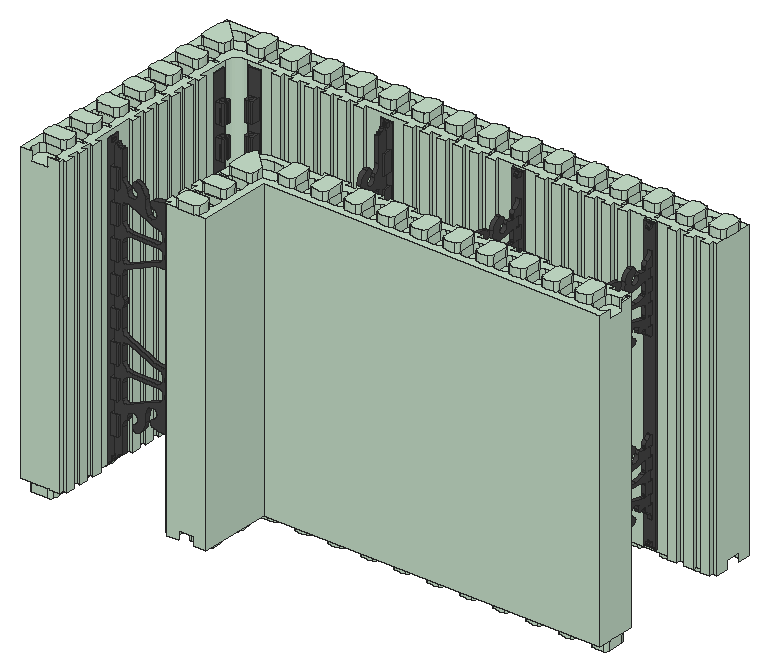
Revit family (continued)
Definition of nested family "NUDURA Diamond Pattern Missing One Line"
  Lines and regions (in)
    model lines
      curve 67: line (3.35367, -5.625, 10.98484) -> (3.69709, -5.625, 10.64142)
      curve 68: arc (3.35367, -5.625, 11.51517) -> (3.24384, -5.625, 11.25) -> (3.35367, -5.625, 10.98484) r 0.375
      curve 69: line (3.69709, -5.625, 11.85858) -> (3.35367, -5.625, 11.51517)
      curve 70: arc (4.17062, -5.625, 11.80178) -> (3.99384, -5.625, 11.875) -> (3.81706, -5.625, 11.80178) r 0.25
      curve 71: line (3.81706, -5.625, 11.80178) -> (3.44206, -5.625, 11.42678)
      curve 72: arc (3.44206, -5.625, 11.42678) -> (3.36884, -5.625, 11.25) -> (3.44206, -5.625, 11.07322) r 0.25
      curve 73: line (3.44206, -5.625, 11.07322) -> (3.81706, -5.625, 10.69822)
      curve 74: arc (3.81706, -5.625, 10.69822) -> (3.99384, -5.625, 10.625) -> (4.17062, -5.625, 10.69822) r 0.25
      curve 75: line (4.17062, -5.625, 10.69822) -> (4.54562, -5.625, 11.07322)
      curve 76: arc (4.54562, -5.625, 11.07322) -> (4.61884, -5.625, 11.25) -> (4.54562, -5.625, 11.42678) r 0.25
      curve 77: line (4.54562, -5.625, 11.42678) -> (4.17062, -5.625, 11.80178)
      curve 78: arc (3.69709, -5.625, 10.35858) -> (3.75567, -5.625, 10.5) -> (3.69709, -5.625, 10.64142) r 0.2
      curve 79: line (4.634, -5.625, 10.01517) -> (4.29059, -5.625, 10.35858)
      curve 80: arc (4.634, -5.625, 9.48484) -> (4.74384, -5.625, 9.75) -> (4.634, -5.625, 10.01517) r 0.375
      curve 81: line (4.29059, -5.625, 9.14142) -> (4.634, -5.625, 9.48484)
      curve 82: line (3.35367, -5.625, 9.48484) -> (3.69709, -5.625, 9.14142)
      curve 83: arc (3.35367, -5.625, 10.01517) -> (3.24384, -5.625, 9.75) -> (3.35367, -5.625, 9.48484) r 0.375
      curve 84: line (3.69709, -5.625, 10.35858) -> (3.35367, -5.625, 10.01517)
      curve 85: arc (4.17062, -5.625, 10.30178) -> (3.99384, -5.625, 10.375) -> (3.81706, -5.625, 10.30178) r 0.25
      curve 86: line (3.81706, -5.625, 10.30178) -> (3.44206, -5.625, 9.92678)
      curve 87: arc (3.44206, -5.625, 9.92678) -> (3.36884, -5.625, 9.75) -> (3.44206, -5.625, 9.57322) r 0.25
      curve 88: line (3.44206, -5.625, 9.57322) -> (3.81706, -5.625, 9.19822)
      curve 89: arc (3.81706, -5.625, 9.19822) -> (3.99384, -5.625, 9.125) -> (4.17062, -5.625, 9.19822) r 0.25
      curve 90: line (4.17062, -5.625, 9.19822) -> (4.54562, -5.625, 9.57322)
      curve 91: arc (4.54562, -5.625, 9.57322) -> (4.61884, -5.625, 9.75) -> (4.54562, -5.625, 9.92678) r 0.25
      curve 92: line (4.54562, -5.625, 9.92678) -> (4.17062, -5.625, 10.30178)
      curve 93: arc (3.69709, -5.625, 8.85858) -> (3.75567, -5.625, 9) -> (3.69709, -5.625, 9.14142) r 0.2
      curve 94: line (4.634, -5.625, 8.51517) -> (4.29059, -5.625, 8.85858)
      curve 95: arc (4.634, -5.625, 7.98484) -> (4.74384, -5.625, 8.25) -> (4.634, -5.625, 8.51517) r 0.375
      curve 96: line (4.29059, -5.625, 7.64142) -> (4.634, -5.625, 7.98484)
      curve 97: line (3.35367, -5.625, 7.98484) -> (3.69709, -5.625, 7.64142)
      curve 98: arc (3.35367, -5.625, 8.51517) -> (3.24384, -5.625, 8.25) -> (3.35367, -5.625, 7.98484) r 0.375
      curve 99: line (3.69709, -5.625, 8.85858) -> (3.35367, -5.625, 8.51517)
      curve 100: arc (4.17062, -5.625, 8.80178) -> (3.99384, -5.625, 8.875) -> (3.81706, -5.625, 8.80178) r 0.25
      curve 101: line (3.81706, -5.625, 8.80178) -> (3.44206, -5.625, 8.42678)
      curve 102: arc (3.44206, -5.625, 8.42678) -> (3.36884, -5.625, 8.25) -> (3.44206, -5.625, 8.07322) r 0.25
      curve 103: line (3.44206, -5.625, 8.07322) -> (3.81706, -5.625, 7.69822)
      curve 104: arc (3.81706, -5.625, 7.69822) -> (3.99384, -5.625, 7.625) -> (4.17062, -5.625, 7.69822) r 0.25
      curve 105: line (4.17062, -5.625, 7.69822) -> (4.54562, -5.625, 8.07322)
      curve 106: arc (4.54562, -5.625, 8.07322) -> (4.61884, -5.625, 8.25) -> (4.54562, -5.625, 8.42678) r 0.25
      curve 107: line (4.54562, -5.625, 8.42678) -> (4.17062, -5.625, 8.80178)
      curve 108: arc (3.69709, -5.625, 7.35858) -> (3.75567, -5.625, 7.5) -> (3.69709, -5.625, 7.64142) r 0.2
      curve 109: line (4.634, -5.625, 7.01517) -> (4.29059, -5.625, 7.35858)
      curve 110: arc (4.634, -5.625, 6.48484) -> (4.74384, -5.625, 6.75) -> (4.634, -5.625, 7.01517) r 0.375
      curve 111: line (4.29059, -5.625, 6.14142) -> (4.634, -5.625, 6.48484)
      curve 112: line (3.35367, -5.625, 6.48484) -> (3.69709, -5.625, 6.14142)
      curve 113: arc (3.35367, -5.625, 7.01517) -> (3.24384, -5.625, 6.75) -> (3.35367, -5.625, 6.48484) r 0.375
      curve 114: line (3.69709, -5.625, 7.35858) -> (3.35367, -5.625, 7.01517)
      curve 115: arc (4.17062, -5.625, 7.30178) -> (3.99384, -5.625, 7.375) -> (3.81706, -5.625, 7.30178) r 0.25
      curve 116: line (3.81706, -5.625, 7.30178) -> (3.44206, -5.625, 6.92678)
      curve 117: arc (3.44206, -5.625, 6.92678) -> (3.36884, -5.625, 6.75) -> (3.44206, -5.625, 6.57322) r 0.25
      curve 118: line (3.44206, -5.625, 6.57322) -> (3.81706, -5.625, 6.19822)
      curve 119: arc (3.81706, -5.625, 6.19822) -> (3.99384, -5.625, 6.125) -> (4.17062, -5.625, 6.19822) r 0.25
      curve 120: line (4.17062, -5.625, 6.19822) -> (4.54562, -5.625, 6.57322)
      curve 121: arc (4.54562, -5.625, 6.57322) -> (4.61884, -5.625, 6.75) -> (4.54562, -5.625, 6.92678) r 0.25
      curve 122: line (4.54562, -5.625, 6.92678) -> (4.17062, -5.625, 7.30178)
      curve 123: arc (3.69709, -5.625, 5.85858) -> (3.75567, -5.625, 6) -> (3.69709, -5.625, 6.14142) r 0.2
      curve 124: line (4.634, -5.625, 5.51517) -> (4.29059, -5.625, 5.85858)
      curve 125: arc (4.634, -5.625, 4.98484) -> (4.74384, -5.625, 5.25) -> (4.634, -5.625, 5.51517) r 0.375
      curve 126: line (4.29059, -5.625, 4.64142) -> (4.634, -5.625, 4.98484)
      curve 127: line (3.35367, -5.625, 4.98484) -> (3.69709, -5.625, 4.64142)
      curve 128: arc (3.35367, -5.625, 5.51517) -> (3.24384, -5.625, 5.25) -> (3.35367, -5.625, 4.98484) r 0.375
      curve 129: line (3.69709, -5.625, 5.85858) -> (3.35367, -5.625, 5.51517)
      curve 130: arc (4.17062, -5.625, 5.80178) -> (3.99384, -5.625, 5.875) -> (3.81706, -5.625, 5.80178) r 0.25
      curve 131: line (3.81706, -5.625, 5.80178) -> (3.44206, -5.625, 5.42678)
      curve 132: arc (3.44206, -5.625, 5.42678) -> (3.36884, -5.625, 5.25) -> (3.44206, -5.625, 5.07322) r 0.25
      curve 133: line (3.44206, -5.625, 5.07322) -> (3.81706, -5.625, 4.69822)
      curve 134: arc (3.81706, -5.625, 4.69822) -> (3.99384, -5.625, 4.625) -> (4.17062, -5.625, 4.69822) r 0.25
      curve 135: line (4.17062, -5.625, 4.69822) -> (4.54562, -5.625, 5.07322)
      curve 136: arc (4.54562, -5.625, 5.07322) -> (4.61884, -5.625, 5.25) -> (4.54562, -5.625, 5.42678) r 0.25
      curve 137: line (4.54562, -5.625, 5.42678) -> (4.17062, -5.625, 5.80178)
      curve 138: arc (3.69709, -5.625, 4.35858) -> (3.75567, -5.625, 4.5) -> (3.69709, -5.625, 4.64142) r 0.2
      curve 139: line (4.634, -5.625, 4.01517) -> (4.29059, -5.625, 4.35858)
      curve 140: arc (4.634, -5.625, 3.48484) -> (4.74384, -5.625, 3.75) -> (4.634, -5.625, 4.01517) r 0.375
      curve 141: line (4.29059, -5.625, 3.14142) -> (4.634, -5.625, 3.48484)
      curve 142: line (3.35367, -5.625, 3.48484) -> (3.69709, -5.625, 3.14142)
      curve 143: arc (3.35367, -5.625, 4.01517) -> (3.24384, -5.625, 3.75) -> (3.35367, -5.625, 3.48484) r 0.375
      curve 144: line (3.69709, -5.625, 4.35858) -> (3.35367, -5.625, 4.01517)
      curve 145: arc (4.17062, -5.625, 4.30178) -> (3.99384, -5.625, 4.375) -> (3.81706, -5.625, 4.30178) r 0.25
      curve 146: line (3.81706, -5.625, 4.30178) -> (3.44206, -5.625, 3.92678)
      curve 147: arc (3.44206, -5.625, 3.92678) -> (3.36884, -5.625, 3.75) -> (3.44206, -5.625, 3.57322) r 0.25
      curve 148: line (3.44206, -5.625, 3.57322) -> (3.81706, -5.625, 3.19822)
      curve 149: arc (3.81706, -5.625, 3.19822) -> (3.99384, -5.625, 3.125) -> (4.17062, -5.625, 3.19822) r 0.25
      curve 150: line (4.17062, -5.625, 3.19822) -> (4.54562, -5.625, 3.57322)
      curve 151: arc (4.54562, -5.625, 3.57322) -> (4.61884, -5.625, 3.75) -> (4.54562, -5.625, 3.92678) r 0.25
      curve 152: line (4.54562, -5.625, 3.92678) -> (4.17062, -5.625, 4.30178)
      curve 153: arc (3.69709, -5.625, 2.85858) -> (3.75567, -5.625, 3) -> (3.69709, -5.625, 3.14142) r 0.2
      curve 154: line (4.634, -5.625, 2.51517) -> (4.29059, -5.625, 2.85858)
      curve 155: arc (4.634, -5.625, 1.98484) -> (4.74384, -5.625, 2.25) -> (4.634, -5.625, 2.51517) r 0.375
      curve 156: line (4.29059, -5.625, 1.64142) -> (4.634, -5.625, 1.98484)
      curve 157: line (3.35367, -5.625, 1.98484) -> (3.69709, -5.625, 1.64142)
      curve 158: arc (3.35367, -5.625, 2.51517) -> (3.24384, -5.625, 2.25) -> (3.35367, -5.625, 1.98484) r 0.375
      curve 159: line (3.69709, -5.625, 2.85858) -> (3.35367, -5.625, 2.51517)
      curve 160: arc (4.17062, -5.625, 2.80178) -> (3.99384, -5.625, 2.875) -> (3.81706, -5.625, 2.80178) r 0.25
      curve 161: line (3.81706, -5.625, 2.80178) -> (3.44206, -5.625, 2.42678)
      curve 162: arc (3.44206, -5.625, 2.42678) -> (3.36884, -5.625, 2.25) -> (3.44206, -5.625, 2.07322) r 0.25
      curve 163: line (3.44206, -5.625, 2.07322) -> (3.81706, -5.625, 1.69822)
      curve 164: arc (3.81706, -5.625, 1.69822) -> (3.99384, -5.625, 1.625) -> (4.17062, -5.625, 1.69822) r 0.25
      curve 165: line (4.17062, -5.625, 1.69822) -> (4.54562, -5.625, 2.07322)
      curve 166: arc (4.54562, -5.625, 2.07322) -> (4.61884, -5.625, 2.25) -> (4.54562, -5.625, 2.42678) r 0.25
      curve 167: line (4.54562, -5.625, 2.42678) -> (4.17062, -5.625, 2.80178)
      curve 168: arc (3.69709, -5.625, 1.35858) -> (3.75567, -5.625, 1.5) -> (3.69709, -5.625, 1.64142) r 0.2
      curve 169: line (3.69709, -5.625, 1.35858) -> (3.35367, -5.625, 1.01517)
      curve 170: arc (3.35367, -5.625, 1.01517) -> (3.24384, -5.625, 0.75) -> (3.35367, -5.625, 0.48484) r 0.375
      curve 171: line (3.35367, -5.625, 0.48484) -> (3.72867, -5.625, 0.10984)
      curve 172: arc (3.72867, -5.625, 0.10984) -> (3.99384, -5.625, 0) -> (4.259, -5.625, 0.10984) r 0.375
      curve 173: line (4.259, -5.625, 0.10984) -> (4.634, -5.625, 0.48484)
      curve 174: arc (4.634, -5.625, 0.48484) -> (4.74384, -5.625, 0.75) -> (4.634, -5.625, 1.01517) r 0.375
      curve 175: line (4.634, -5.625, 1.01517) -> (4.29059, -5.625, 1.35858)
      curve 176: arc (4.29059, -5.625, 1.64142) -> (4.23201, -5.625, 1.5) -> (4.29059, -5.625, 1.35858) r 0.2
      curve 177: arc (4.17062, -5.625, 1.30178) -> (3.99384, -5.625, 1.375) -> (3.81706, -5.625, 1.30178) r 0.25
      curve 178: line (4.54562, -5.625, 0.92678) -> (4.17062, -5.625, 1.30178)
      curve 179: arc (4.54562, -5.625, 0.57322) -> (4.61884, -5.625, 0.75) -> (4.54562, -5.625, 0.92678) r 0.25
      curve 180: line (4.17062, -5.625, 0.19822) -> (4.54562, -5.625, 0.57322)
      curve 181: arc (3.81706, -5.625, 0.19822) -> (3.99384, -5.625, 0.125) -> (4.17062, -5.625, 0.19822) r 0.25
      curve 182: line (3.44206, -5.625, 0.57322) -> (3.81706, -5.625, 0.19822)
      curve 183: arc (3.44206, -5.625, 0.92678) -> (3.36884, -5.625, 0.75) -> (3.44206, -5.625, 0.57322) r 0.25
      curve 184: line (3.81706, -5.625, 1.30178) -> (3.44206, -5.625, 0.92678)
      curve 185: arc (4.29059, -5.625, 3.14142) -> (4.23201, -5.625, 3) -> (4.29059, -5.625, 2.85858) r 0.2
      curve 186: arc (4.29059, -5.625, 4.64142) -> (4.23201, -5.625, 4.5) -> (4.29059, -5.625, 4.35858) r 0.2
      curve 187: arc (4.29059, -5.625, 6.14142) -> (4.23201, -5.625, 6) -> (4.29059, -5.625, 5.85858) r 0.2
      curve 188: arc (4.29059, -5.625, 7.64142) -> (4.23201, -5.625, 7.5) -> (4.29059, -5.625, 7.35858) r 0.2
      curve 189: arc (4.29059, -5.625, 9.14142) -> (4.23201, -5.625, 9) -> (4.29059, -5.625, 8.85858) r 0.2
      curve 190: arc (4.29059, -5.625, 10.64142) -> (4.23201, -5.625, 10.5) -> (4.29059, -5.625, 10.35858) r 0.2
      curve 191: arc (4.29059, -5.625, 12.14142) -> (4.23201, -5.625, 12) -> (4.29059, -5.625, 11.85858) r 0.2
      curve 192: arc (4.29059, -5.625, 13.64142) -> (4.23201, -5.625, 13.5) -> (4.29059, -5.625, 13.35858) r 0.2
      curve 193: arc (4.29059, -5.625, 15.14142) -> (4.23201, -5.625, 15) -> (4.29059, -5.625, 14.85858) r 0.2
      curve 194: arc (4.29059, -5.625, 16.64142) -> (4.23201, -5.625, 16.5) -> (4.29059, -5.625, 16.35858) r 0.2
Definition of nested family "NUDURA Diamond Pattern Missing Two lines"
  Reference planes (in)
    plane 1 "Center (Front/Back)": y = 0
    plane 2: z = 0
    plane 3 "Center (Left/Right)": x = 0
    plane 4: z = 18
  Lines and regions (in)
    model lines
      curve 1: line (2, -5.625, 18) -> (2, -5.625, 0)
      curve 2: line (3.35367, -5.625, 16.98484) -> (3.69709, -5.625, 16.64142)
      curve 3: arc (3.35367, -5.625, 17.51517) -> (3.24384, -5.625, 17.25) -> (3.35367, -5.625, 16.98484) r 0.375
      curve 4: line (3.72867, -5.625, 17.89017) -> (3.35367, -5.625, 17.51517)
      curve 5: arc (4.259, -5.625, 17.89017) -> (3.99384, -5.625, 18) -> (3.72867, -5.625, 17.89017) r 0.375
      curve 6: line (4.634, -5.625, 17.51517) -> (4.259, -5.625, 17.89017)
      curve 7: arc (4.634, -5.625, 16.98484) -> (4.74384, -5.625, 17.25) -> (4.634, -5.625, 17.51517) r 0.375
      curve 8: line (4.29059, -5.625, 16.64142) -> (4.634, -5.625, 16.98484)
      curve 9: arc (4.17062, -5.625, 17.80178) -> (3.99384, -5.625, 17.875) -> (3.81706, -5.625, 17.80178) r 0.25
      curve 10: line (4.54562, -5.625, 17.42678) -> (4.17062, -5.625, 17.80178)
      curve 11: arc (4.54562, -5.625, 17.07322) -> (4.61884, -5.625, 17.25) -> (4.54562, -5.625, 17.42678) r 0.25
      curve 12: line (4.17062, -5.625, 16.69822) -> (4.54562, -5.625, 17.07322)
      curve 13: arc (3.81706, -5.625, 16.69822) -> (3.99384, -5.625, 16.625) -> (4.17062, -5.625, 16.69822) r 0.25
      curve 14: line (3.44206, -5.625, 17.07322) -> (3.81706, -5.625, 16.69822)
      curve 15: arc (3.44206, -5.625, 17.42678) -> (3.36884, -5.625, 17.25) -> (3.44206, -5.625, 17.07322) r 0.25
      curve 16: line (3.81706, -5.625, 17.80178) -> (3.44206, -5.625, 17.42678)
      curve 17: arc (3.69709, -5.625, 16.35858) -> (3.75567, -5.625, 16.5) -> (3.69709, -5.625, 16.64142) r 0.2
      curve 18: line (4.634, -5.625, 16.01517) -> (4.29059, -5.625, 16.35858)
      curve 19: arc (4.634, -5.625, 15.48484) -> (4.74384, -5.625, 15.75) -> (4.634, -5.625, 16.01517) r 0.375
      curve 20: line (4.29059, -5.625, 15.14142) -> (4.634, -5.625, 15.48484)
      curve 21: line (3.35367, -5.625, 15.48484) -> (3.69709, -5.625, 15.14142)
      curve 22: arc (3.35367, -5.625, 16.01517) -> (3.24384, -5.625, 15.75) -> (3.35367, -5.625, 15.48484) r 0.375
      curve 23: line (3.69709, -5.625, 16.35858) -> (3.35367, -5.625, 16.01517)
      curve 24: arc (4.17062, -5.625, 16.30178) -> (3.99384, -5.625, 16.375) -> (3.81706, -5.625, 16.30178) r 0.25
      curve 25: line (3.81706, -5.625, 16.30178) -> (3.44206, -5.625, 15.92678)
      curve 26: arc (3.44206, -5.625, 15.92678) -> (3.36884, -5.625, 15.75) -> (3.44206, -5.625, 15.57322) r 0.25
      curve 27: line (3.44206, -5.625, 15.57322) -> (3.81706, -5.625, 15.19822)
      curve 28: arc (3.81706, -5.625, 15.19822) -> (3.99384, -5.625, 15.125) -> (4.17062, -5.625, 15.19822) r 0.25
      curve 29: line (4.17062, -5.625, 15.19822) -> (4.54562, -5.625, 15.57322)
      curve 30: arc (4.54562, -5.625, 15.57322) -> (4.61884, -5.625, 15.75) -> (4.54562, -5.625, 15.92678) r 0.25
      curve 31: line (4.54562, -5.625, 15.92678) -> (4.17062, -5.625, 16.30178)
      curve 32: arc (3.69709, -5.625, 14.85858) -> (3.75567, -5.625, 15) -> (3.69709, -5.625, 15.14142) r 0.2
      curve 33: line (4.634, -5.625, 14.51517) -> (4.29059, -5.625, 14.85858)
      curve 34: arc (4.634, -5.625, 13.98484) -> (4.74384, -5.625, 14.25) -> (4.634, -5.625, 14.51517) r 0.375
      curve 35: line (4.29059, -5.625, 13.64142) -> (4.634, -5.625, 13.98484)
      curve 36: line (3.35367, -5.625, 13.98484) -> (3.69709, -5.625, 13.64142)
      curve 37: arc (3.35367, -5.625, 14.51517) -> (3.24384, -5.625, 14.25) -> (3.35367, -5.625, 13.98484) r 0.375
      curve 38: line (3.69709, -5.625, 14.85858) -> (3.35367, -5.625, 14.51517)
      curve 39: arc (4.17062, -5.625, 14.80178) -> (3.99384, -5.625, 14.875) -> (3.81706, -5.625, 14.80178) r 0.25
      curve 40: line (3.81706, -5.625, 14.80178) -> (3.44206, -5.625, 14.42678)
      curve 41: arc (3.44206, -5.625, 14.42678) -> (3.36884, -5.625, 14.25) -> (3.44206, -5.625, 14.07322) r 0.25
      curve 42: line (3.44206, -5.625, 14.07322) -> (3.81706, -5.625, 13.69822)
      curve 43: arc (3.81706, -5.625, 13.69822) -> (3.99384, -5.625, 13.625) -> (4.17062, -5.625, 13.69822) r 0.25
      curve 44: line (4.17062, -5.625, 13.69822) -> (4.54562, -5.625, 14.07322)
      curve 45: arc (4.54562, -5.625, 14.07322) -> (4.61884, -5.625, 14.25) -> (4.54562, -5.625, 14.42678) r 0.25
      curve 46: line (4.54562, -5.625, 14.42678) -> (4.17062, -5.625, 14.80178)
      curve 47: arc (3.69709, -5.625, 13.35858) -> (3.75567, -5.625, 13.5) -> (3.69709, -5.625, 13.64142) r 0.2
      curve 48: line (4.634, -5.625, 13.01517) -> (4.29059, -5.625, 13.35858)
      curve 49: arc (4.634, -5.625, 12.48484) -> (4.74384, -5.625, 12.75) -> (4.634, -5.625, 13.01517) r 0.375
      curve 50: line (4.29059, -5.625, 12.14142) -> (4.634, -5.625, 12.48484)
      curve 51: line (3.35367, -5.625, 12.48484) -> (3.69709, -5.625, 12.14142)
      curve 52: arc (3.35367, -5.625, 13.01517) -> (3.24384, -5.625, 12.75) -> (3.35367, -5.625, 12.48484) r 0.375
      curve 53: line (3.69709, -5.625, 13.35858) -> (3.35367, -5.625, 13.01517)
      curve 54: arc (4.17062, -5.625, 13.30178) -> (3.99384, -5.625, 13.375) -> (3.81706, -5.625, 13.30178) r 0.25
      curve 55: line (3.81706, -5.625, 13.30178) -> (3.44206, -5.625, 12.92678)
      curve 56: arc (3.44206, -5.625, 12.92678) -> (3.36884, -5.625, 12.75) -> (3.44206, -5.625, 12.57322) r 0.25
      curve 57: line (3.44206, -5.625, 12.57322) -> (3.81706, -5.625, 12.19822)
      curve 58: arc (3.81706, -5.625, 12.19822) -> (3.99384, -5.625, 12.125) -> (4.17062, -5.625, 12.19822) r 0.25
      curve 59: line (4.17062, -5.625, 12.19822) -> (4.54562, -5.625, 12.57322)
      curve 60: arc (4.54562, -5.625, 12.57322) -> (4.61884, -5.625, 12.75) -> (4.54562, -5.625, 12.92678) r 0.25
      curve 61: line (4.54562, -5.625, 12.92678) -> (4.17062, -5.625, 13.30178)
      curve 62: arc (3.69709, -5.625, 11.85858) -> (3.75567, -5.625, 12) -> (3.69709, -5.625, 12.14142) r 0.2
      curve 63: line (4.634, -5.625, 11.51517) -> (4.29059, -5.625, 11.85858)
      curve 64: arc (4.634, -5.625, 10.98484) -> (4.74384, -5.625, 11.25) -> (4.634, -5.625, 11.51517) r 0.375
      curve 65: line (4.29059, -5.625, 10.64142) -> (4.634, -5.625, 10.98484)
      curve 66: line (3.35367, -5.625, 10.98484) -> (3.69709, -5.625, 10.64142)
      curve 67: arc (3.35367, -5.625, 11.51517) -> (3.24384, -5.625, 11.25) -> (3.35367, -5.625, 10.98484) r 0.375
      curve 68: line (3.69709, -5.625, 11.85858) -> (3.35367, -5.625, 11.51517)
      curve 69: arc (4.17062, -5.625, 11.80178) -> (3.99384, -5.625, 11.875) -> (3.81706, -5.625, 11.80178) r 0.25
      curve 70: line (3.81706, -5.625, 11.80178) -> (3.44206, -5.625, 11.42678)
      curve 71: arc (3.44206, -5.625, 11.42678) -> (3.36884, -5.625, 11.25) -> (3.44206, -5.625, 11.07322) r 0.25
      curve 72: line (3.44206, -5.625, 11.07322) -> (3.81706, -5.625, 10.69822)
      curve 73: arc (3.81706, -5.625, 10.69822) -> (3.99384, -5.625, 10.625) -> (4.17062, -5.625, 10.69822) r 0.25
      curve 74: line (4.17062, -5.625, 10.69822) -> (4.54562, -5.625, 11.07322)
      curve 75: arc (4.54562, -5.625, 11.07322) -> (4.61884, -5.625, 11.25) -> (4.54562, -5.625, 11.42678) r 0.25
      curve 76: line (4.54562, -5.625, 11.42678) -> (4.17062, -5.625, 11.80178)
      curve 77: arc (3.69709, -5.625, 10.35858) -> (3.75567, -5.625, 10.5) -> (3.69709, -5.625, 10.64142) r 0.2
      curve 78: line (4.634, -5.625, 10.01517) -> (4.29059, -5.625, 10.35858)
      curve 79: arc (4.634, -5.625, 9.48484) -> (4.74384, -5.625, 9.75) -> (4.634, -5.625, 10.01517) r 0.375
      curve 80: line (4.29059, -5.625, 9.14142) -> (4.634, -5.625, 9.48484)
      curve 81: line (3.35367, -5.625, 9.48484) -> (3.69709, -5.625, 9.14142)
      curve 82: arc (3.35367, -5.625, 10.01517) -> (3.24384, -5.625, 9.75) -> (3.35367, -5.625, 9.48484) r 0.375
      curve 83: line (3.69709, -5.625, 10.35858) -> (3.35367, -5.625, 10.01517)
      curve 84: arc (4.17062, -5.625, 10.30178) -> (3.99384, -5.625, 10.375) -> (3.81706, -5.625, 10.30178) r 0.25
      curve 85: line (3.81706, -5.625, 10.30178) -> (3.44206, -5.625, 9.92678)
      curve 86: arc (3.44206, -5.625, 9.92678) -> (3.36884, -5.625, 9.75) -> (3.44206, -5.625, 9.57322) r 0.25
      curve 87: line (3.44206, -5.625, 9.57322) -> (3.81706, -5.625, 9.19822)
      curve 88: arc (3.81706, -5.625, 9.19822) -> (3.99384, -5.625, 9.125) -> (4.17062, -5.625, 9.19822) r 0.25
      curve 89: line (4.17062, -5.625, 9.19822) -> (4.54562, -5.625, 9.57322)
      curve 90: arc (4.54562, -5.625, 9.57322) -> (4.61884, -5.625, 9.75) -> (4.54562, -5.625, 9.92678) r 0.25
      curve 91: line (4.54562, -5.625, 9.92678) -> (4.17062, -5.625, 10.30178)
      curve 92: arc (3.69709, -5.625, 8.85858) -> (3.75567, -5.625, 9) -> (3.69709, -5.625, 9.14142) r 0.2
      curve 93: line (4.634, -5.625, 8.51517) -> (4.29059, -5.625, 8.85858)
      curve 94: arc (4.634, -5.625, 7.98484) -> (4.74384, -5.625, 8.25) -> (4.634, -5.625, 8.51517) r 0.375
      curve 95: line (4.29059, -5.625, 7.64142) -> (4.634, -5.625, 7.98484)
      curve 96: line (3.35367, -5.625, 7.98484) -> (3.69709, -5.625, 7.64142)
      curve 97: arc (3.35367, -5.625, 8.51517) -> (3.24384, -5.625, 8.25) -> (3.35367, -5.625, 7.98484) r 0.375
      curve 98: line (3.69709, -5.625, 8.85858) -> (3.35367, -5.625, 8.51517)
      curve 99: arc (4.17062, -5.625, 8.80178) -> (3.99384, -5.625, 8.875) -> (3.81706, -5.625, 8.80178) r 0.25
      curve 100: line (3.81706, -5.625, 8.80178) -> (3.44206, -5.625, 8.42678)
      curve 101: arc (3.44206, -5.625, 8.42678) -> (3.36884, -5.625, 8.25) -> (3.44206, -5.625, 8.07322) r 0.25
      curve 102: line (3.44206, -5.625, 8.07322) -> (3.81706, -5.625, 7.69822)
      curve 103: arc (3.81706, -5.625, 7.69822) -> (3.99384, -5.625, 7.625) -> (4.17062, -5.625, 7.69822) r 0.25
      curve 104: line (4.17062, -5.625, 7.69822) -> (4.54562, -5.625, 8.07322)
      curve 105: arc (4.54562, -5.625, 8.07322) -> (4.61884, -5.625, 8.25) -> (4.54562, -5.625, 8.42678) r 0.25
      curve 106: line (4.54562, -5.625, 8.42678) -> (4.17062, -5.625, 8.80178)
      curve 107: arc (3.69709, -5.625, 7.35858) -> (3.75567, -5.625, 7.5) -> (3.69709, -5.625, 7.64142) r 0.2
      curve 108: line (4.634, -5.625, 7.01517) -> (4.29059, -5.625, 7.35858)
      curve 109: arc (4.634, -5.625, 6.48484) -> (4.74384, -5.625, 6.75) -> (4.634, -5.625, 7.01517) r 0.375
      curve 110: line (4.29059, -5.625, 6.14142) -> (4.634, -5.625, 6.48484)
      curve 111: line (3.35367, -5.625, 6.48484) -> (3.69709, -5.625, 6.14142)
      curve 112: arc (3.35367, -5.625, 7.01517) -> (3.24384, -5.625, 6.75) -> (3.35367, -5.625, 6.48484) r 0.375
      curve 113: line (3.69709, -5.625, 7.35858) -> (3.35367, -5.625, 7.01517)
      curve 114: arc (4.17062, -5.625, 7.30178) -> (3.99384, -5.625, 7.375) -> (3.81706, -5.625, 7.30178) r 0.25
      curve 115: line (3.81706, -5.625, 7.30178) -> (3.44206, -5.625, 6.92678)
      curve 116: arc (3.44206, -5.625, 6.92678) -> (3.36884, -5.625, 6.75) -> (3.44206, -5.625, 6.57322) r 0.25
      curve 117: line (3.44206, -5.625, 6.57322) -> (3.81706, -5.625, 6.19822)
      curve 118: arc (3.81706, -5.625, 6.19822) -> (3.99384, -5.625, 6.125) -> (4.17062, -5.625, 6.19822) r 0.25
      curve 119: line (4.17062, -5.625, 6.19822) -> (4.54562, -5.625, 6.57322)
      curve 120: arc (4.54562, -5.625, 6.57322) -> (4.61884, -5.625, 6.75) -> (4.54562, -5.625, 6.92678) r 0.25
      curve 121: line (4.54562, -5.625, 6.92678) -> (4.17062, -5.625, 7.30178)
      curve 122: arc (3.69709, -5.625, 5.85858) -> (3.75567, -5.625, 6) -> (3.69709, -5.625, 6.14142) r 0.2
      curve 123: line (4.634, -5.625, 5.51517) -> (4.29059, -5.625, 5.85858)
      curve 124: arc (4.634, -5.625, 4.98484) -> (4.74384, -5.625, 5.25) -> (4.634, -5.625, 5.51517) r 0.375
      curve 125: line (4.29059, -5.625, 4.64142) -> (4.634, -5.625, 4.98484)
      curve 126: line (3.35367, -5.625, 4.98484) -> (3.69709, -5.625, 4.64142)
      curve 127: arc (3.35367, -5.625, 5.51517) -> (3.24384, -5.625, 5.25) -> (3.35367, -5.625, 4.98484) r 0.375
      curve 128: line (3.69709, -5.625, 5.85858) -> (3.35367, -5.625, 5.51517)
      curve 129: arc (4.17062, -5.625, 5.80178) -> (3.99384, -5.625, 5.875) -> (3.81706, -5.625, 5.80178) r 0.25
      curve 130: line (3.81706, -5.625, 5.80178) -> (3.44206, -5.625, 5.42678)
      curve 131: arc (3.44206, -5.625, 5.42678) -> (3.36884, -5.625, 5.25) -> (3.44206, -5.625, 5.07322) r 0.25
      curve 132: line (3.44206, -5.625, 5.07322) -> (3.81706, -5.625, 4.69822)
      curve 133: arc (3.81706, -5.625, 4.69822) -> (3.99384, -5.625, 4.625) -> (4.17062, -5.625, 4.69822) r 0.25
      curve 134: line (4.17062, -5.625, 4.69822) -> (4.54562, -5.625, 5.07322)
      curve 135: arc (4.54562, -5.625, 5.07322) -> (4.61884, -5.625, 5.25) -> (4.54562, -5.625, 5.42678) r 0.25
      curve 136: line (4.54562, -5.625, 5.42678) -> (4.17062, -5.625, 5.80178)
      curve 137: arc (3.69709, -5.625, 4.35858) -> (3.75567, -5.625, 4.5) -> (3.69709, -5.625, 4.64142) r 0.2
      curve 138: line (4.634, -5.625, 4.01517) -> (4.29059, -5.625, 4.35858)
      curve 139: arc (4.634, -5.625, 3.48484) -> (4.74384, -5.625, 3.75) -> (4.634, -5.625, 4.01517) r 0.375
      curve 140: line (4.29059, -5.625, 3.14142) -> (4.634, -5.625, 3.48484)
      curve 141: line (3.35367, -5.625, 3.48484) -> (3.69709, -5.625, 3.14142)
      curve 142: arc (3.35367, -5.625, 4.01517) -> (3.24384, -5.625, 3.75) -> (3.35367, -5.625, 3.48484) r 0.375
      curve 143: line (3.69709, -5.625, 4.35858) -> (3.35367, -5.625, 4.01517)
      curve 144: arc (4.17062, -5.625, 4.30178) -> (3.99384, -5.625, 4.375) -> (3.81706, -5.625, 4.30178) r 0.25
      curve 145: line (3.81706, -5.625, 4.30178) -> (3.44206, -5.625, 3.92678)
      curve 146: arc (3.44206, -5.625, 3.92678) -> (3.36884, -5.625, 3.75) -> (3.44206, -5.625, 3.57322) r 0.25
      curve 147: line (3.44206, -5.625, 3.57322) -> (3.81706, -5.625, 3.19822)
      curve 148: arc (3.81706, -5.625, 3.19822) -> (3.99384, -5.625, 3.125) -> (4.17062, -5.625, 3.19822) r 0.25
      curve 149: line (4.17062, -5.625, 3.19822) -> (4.54562, -5.625, 3.57322)
      curve 150: arc (4.54562, -5.625, 3.57322) -> (4.61884, -5.625, 3.75) -> (4.54562, -5.625, 3.92678) r 0.25
      curve 151: line (4.54562, -5.625, 3.92678) -> (4.17062, -5.625, 4.30178)
      curve 152: arc (3.69709, -5.625, 2.85858) -> (3.75567, -5.625, 3) -> (3.69709, -5.625, 3.14142) r 0.2
      curve 153: line (4.634, -5.625, 2.51517) -> (4.29059, -5.625, 2.85858)
      curve 154: arc (4.634, -5.625, 1.98484) -> (4.74384, -5.625, 2.25) -> (4.634, -5.625, 2.51517) r 0.375
      curve 155: line (4.29059, -5.625, 1.64142) -> (4.634, -5.625, 1.98484)
      curve 156: line (3.35367, -5.625, 1.98484) -> (3.69709, -5.625, 1.64142)
      curve 157: arc (3.35367, -5.625, 2.51517) -> (3.24384, -5.625, 2.25) -> (3.35367, -5.625, 1.98484) r 0.375
      curve 158: line (3.69709, -5.625, 2.85858) -> (3.35367, -5.625, 2.51517)
      curve 159: arc (4.17062, -5.625, 2.80178) -> (3.99384, -5.625, 2.875) -> (3.81706, -5.625, 2.80178) r 0.25
      curve 160: line (3.81706, -5.625, 2.80178) -> (3.44206, -5.625, 2.42678)
      curve 161: arc (3.44206, -5.625, 2.42678) -> (3.36884, -5.625, 2.25) -> (3.44206, -5.625, 2.07322) r 0.25
      curve 162: line (3.44206, -5.625, 2.07322) -> (3.81706, -5.625, 1.69822)
      curve 163: arc (3.81706, -5.625, 1.69822) -> (3.99384, -5.625, 1.625) -> (4.17062, -5.625, 1.69822) r 0.25
      curve 164: line (4.17062, -5.625, 1.69822) -> (4.54562, -5.625, 2.07322)
      curve 165: arc (4.54562, -5.625, 2.07322) -> (4.61884, -5.625, 2.25) -> (4.54562, -5.625, 2.42678) r 0.25
      curve 166: line (4.54562, -5.625, 2.42678) -> (4.17062, -5.625, 2.80178)
      curve 167: arc (3.69709, -5.625, 1.35858) -> (3.75567, -5.625, 1.5) -> (3.69709, -5.625, 1.64142) r 0.2
      curve 168: line (3.69709, -5.625, 1.35858) -> (3.35367, -5.625, 1.01517)
      curve 169: arc (3.35367, -5.625, 1.01517) -> (3.24384, -5.625, 0.75) -> (3.35367, -5.625, 0.48484) r 0.375
      curve 170: line (3.35367, -5.625, 0.48484) -> (3.72867, -5.625, 0.10984)
      curve 171: arc (3.72867, -5.625, 0.10984) -> (3.99384, -5.625, 0) -> (4.259, -5.625, 0.10984) r 0.375
      curve 172: line (4.259, -5.625, 0.10984) -> (4.634, -5.625, 0.48484)
      curve 173: arc (4.634, -5.625, 0.48484) -> (4.74384, -5.625, 0.75) -> (4.634, -5.625, 1.01517) r 0.375
      curve 174: line (4.634, -5.625, 1.01517) -> (4.29059, -5.625, 1.35858)
      curve 175: arc (4.29059, -5.625, 1.64142) -> (4.23201, -5.625, 1.5) -> (4.29059, -5.625, 1.35858) r 0.2
      curve 176: arc (4.17062, -5.625, 1.30178) -> (3.99384, -5.625, 1.375) -> (3.81706, -5.625, 1.30178) r 0.25
      curve 177: line (4.54562, -5.625, 0.92678) -> (4.17062, -5.625, 1.30178)
      curve 178: arc (4.54562, -5.625, 0.57322) -> (4.61884, -5.625, 0.75) -> (4.54562, -5.625, 0.92678) r 0.25
      curve 179: line (4.17062, -5.625, 0.19822) -> (4.54562, -5.625, 0.57322)
      curve 180: arc (3.81706, -5.625, 0.19822) -> (3.99384, -5.625, 0.125) -> (4.17062, -5.625, 0.19822) r 0.25
      curve 181: line (3.44206, -5.625, 0.57322) -> (3.81706, -5.625, 0.19822)
      curve 182: arc (3.44206, -5.625, 0.92678) -> (3.36884, -5.625, 0.75) -> (3.44206, -5.625, 0.57322) r 0.25
      curve 183: line (3.81706, -5.625, 1.30178) -> (3.44206, -5.625, 0.92678)
      curve 184: arc (4.29059, -5.625, 3.14142) -> (4.23201, -5.625, 3) -> (4.29059, -5.625, 2.85858) r 0.2
      curve 185: arc (4.29059, -5.625, 4.64142) -> (4.23201, -5.625, 4.5) -> (4.29059, -5.625, 4.35858) r 0.2
      curve 186: arc (4.29059, -5.625, 6.14142) -> (4.23201, -5.625, 6) -> (4.29059, -5.625, 5.85858) r 0.2
      curve 187: arc (4.29059, -5.625, 7.64142) -> (4.23201, -5.625, 7.5) -> (4.29059, -5.625, 7.35858) r 0.2
      curve 188: arc (4.29059, -5.625, 9.14142) -> (4.23201, -5.625, 9) -> (4.29059, -5.625, 8.85858) r 0.2
      curve 189: arc (4.29059, -5.625, 10.64142) -> (4.23201, -5.625, 10.5) -> (4.29059, -5.625, 10.35858) r 0.2
      curve 190: arc (4.29059, -5.625, 12.14142) -> (4.23201, -5.625, 12) -> (4.29059, -5.625, 11.85858) r 0.2
      curve 191: arc (4.29059, -5.625, 13.64142) -> (4.23201, -5.625, 13.5) -> (4.29059, -5.625, 13.35858) r 0.2
      curve 192: arc (4.29059, -5.625, 15.14142) -> (4.23201, -5.625, 15) -> (4.29059, -5.625, 14.85858) r 0.2
      curve 193: arc (4.29059, -5.625, 16.64142) -> (4.23201, -5.625, 16.5) -> (4.29059, -5.625, 16.35858) r 0.2
Definition of nested family "NUDURA Diamond Pattern Missing Left Line"
  Reference planes (in)
    plane 1 "Center (Front/Back)": y = 0
    plane 2: z = 0
    plane 3 "Center (Left/Right)": x = 0
    plane 4: z = 18
  Lines and regions (in)
    model lines
      curve 1: line (8, -5.625, 18) -> (8, -5.625, 0)
      curve 2: line (6, -5.625, 18) -> (6, -5.625, 0)
      curve 3: line (3.35367, -5.625, 16.98484) -> (3.69709, -5.625, 16.64142)
      curve 4: arc (3.35367, -5.625, 17.51517) -> (3.24384, -5.625, 17.25) -> (3.35367, -5.625, 16.98484) r 0.375
      curve 5: line (3.72867, -5.625, 17.89017) -> (3.35367, -5.625, 17.51517)
      curve 6: arc (4.259, -5.625, 17.89017) -> (3.99384, -5.625, 18) -> (3.72867, -5.625, 17.89017) r 0.375
      curve 7: line (4.634, -5.625, 17.51517) -> (4.259, -5.625, 17.89017)
      curve 8: arc (4.634, -5.625, 16.98484) -> (4.74384, -5.625, 17.25) -> (4.634, -5.625, 17.51517) r 0.375
      curve 9: line (4.29059, -5.625, 16.64142) -> (4.634, -5.625, 16.98484)
      curve 10: arc (4.17062, -5.625, 17.80178) -> (3.99384, -5.625, 17.875) -> (3.81706, -5.625, 17.80178) r 0.25
      curve 11: line (4.54562, -5.625, 17.42678) -> (4.17062, -5.625, 17.80178)
      curve 12: arc (4.54562, -5.625, 17.07322) -> (4.61884, -5.625, 17.25) -> (4.54562, -5.625, 17.42678) r 0.25
      curve 13: line (4.17062, -5.625, 16.69822) -> (4.54562, -5.625, 17.07322)
      curve 14: arc (3.81706, -5.625, 16.69822) -> (3.99384, -5.625, 16.625) -> (4.17062, -5.625, 16.69822) r 0.25
      curve 15: line (3.44206, -5.625, 17.07322) -> (3.81706, -5.625, 16.69822)
      curve 16: arc (3.44206, -5.625, 17.42678) -> (3.36884, -5.625, 17.25) -> (3.44206, -5.625, 17.07322) r 0.25
      curve 17: line (3.81706, -5.625, 17.80178) -> (3.44206, -5.625, 17.42678)
      curve 18: arc (3.69709, -5.625, 16.35858) -> (3.75567, -5.625, 16.5) -> (3.69709, -5.625, 16.64142) r 0.2
      curve 19: line (4.634, -5.625, 16.01517) -> (4.29059, -5.625, 16.35858)
      curve 20: arc (4.634, -5.625, 15.48484) -> (4.74384, -5.625, 15.75) -> (4.634, -5.625, 16.01517) r 0.375
      curve 21: line (4.29059, -5.625, 15.14142) -> (4.634, -5.625, 15.48484)
      curve 22: line (3.35367, -5.625, 15.48484) -> (3.69709, -5.625, 15.14142)
      curve 23: arc (3.35367, -5.625, 16.01517) -> (3.24384, -5.625, 15.75) -> (3.35367, -5.625, 15.48484) r 0.375
      curve 24: line (3.69709, -5.625, 16.35858) -> (3.35367, -5.625, 16.01517)
      curve 25: arc (4.17062, -5.625, 16.30178) -> (3.99384, -5.625, 16.375) -> (3.81706, -5.625, 16.30178) r 0.25
      curve 26: line (3.81706, -5.625, 16.30178) -> (3.44206, -5.625, 15.92678)
      curve 27: arc (3.44206, -5.625, 15.92678) -> (3.36884, -5.625, 15.75) -> (3.44206, -5.625, 15.57322) r 0.25
      curve 28: line (3.44206, -5.625, 15.57322) -> (3.81706, -5.625, 15.19822)
      curve 29: arc (3.81706, -5.625, 15.19822) -> (3.99384, -5.625, 15.125) -> (4.17062, -5.625, 15.19822) r 0.25
      curve 30: line (4.17062, -5.625, 15.19822) -> (4.54562, -5.625, 15.57322)
      curve 31: arc (4.54562, -5.625, 15.57322) -> (4.61884, -5.625, 15.75) -> (4.54562, -5.625, 15.92678) r 0.25
      curve 32: line (4.54562, -5.625, 15.92678) -> (4.17062, -5.625, 16.30178)
      curve 33: arc (3.69709, -5.625, 14.85858) -> (3.75567, -5.625, 15) -> (3.69709, -5.625, 15.14142) r 0.2
      curve 34: line (4.634, -5.625, 14.51517) -> (4.29059, -5.625, 14.85858)
      curve 35: arc (4.634, -5.625, 13.98484) -> (4.74384, -5.625, 14.25) -> (4.634, -5.625, 14.51517) r 0.375
      curve 36: line (4.29059, -5.625, 13.64142) -> (4.634, -5.625, 13.98484)
      curve 37: line (3.35367, -5.625, 13.98484) -> (3.69709, -5.625, 13.64142)
      curve 38: arc (3.35367, -5.625, 14.51517) -> (3.24384, -5.625, 14.25) -> (3.35367, -5.625, 13.98484) r 0.375
      curve 39: line (3.69709, -5.625, 14.85858) -> (3.35367, -5.625, 14.51517)
      curve 40: arc (4.17062, -5.625, 14.80178) -> (3.99384, -5.625, 14.875) -> (3.81706, -5.625, 14.80178) r 0.25
      curve 41: line (3.81706, -5.625, 14.80178) -> (3.44206, -5.625, 14.42678)
      curve 42: arc (3.44206, -5.625, 14.42678) -> (3.36884, -5.625, 14.25) -> (3.44206, -5.625, 14.07322) r 0.25
      curve 43: line (3.44206, -5.625, 14.07322) -> (3.81706, -5.625, 13.69822)
      curve 44: arc (3.81706, -5.625, 13.69822) -> (3.99384, -5.625, 13.625) -> (4.17062, -5.625, 13.69822) r 0.25
      curve 45: line (4.17062, -5.625, 13.69822) -> (4.54562, -5.625, 14.07322)
      curve 46: arc (4.54562, -5.625, 14.07322) -> (4.61884, -5.625, 14.25) -> (4.54562, -5.625, 14.42678) r 0.25
      curve 47: line (4.54562, -5.625, 14.42678) -> (4.17062, -5.625, 14.80178)
      curve 48: arc (3.69709, -5.625, 13.35858) -> (3.75567, -5.625, 13.5) -> (3.69709, -5.625, 13.64142) r 0.2
      curve 49: line (4.634, -5.625, 13.01517) -> (4.29059, -5.625, 13.35858)
      curve 50: arc (4.634, -5.625, 12.48484) -> (4.74384, -5.625, 12.75) -> (4.634, -5.625, 13.01517) r 0.375
      curve 51: line (4.29059, -5.625, 12.14142) -> (4.634, -5.625, 12.48484)
      curve 52: line (3.35367, -5.625, 12.48484) -> (3.69709, -5.625, 12.14142)
      curve 53: arc (3.35367, -5.625, 13.01517) -> (3.24384, -5.625, 12.75) -> (3.35367, -5.625, 12.48484) r 0.375
      curve 54: line (3.69709, -5.625, 13.35858) -> (3.35367, -5.625, 13.01517)
      curve 55: arc (4.17062, -5.625, 13.30178) -> (3.99384, -5.625, 13.375) -> (3.81706, -5.625, 13.30178) r 0.25
      curve 56: line (3.81706, -5.625, 13.30178) -> (3.44206, -5.625, 12.92678)
      curve 57: arc (3.44206, -5.625, 12.92678) -> (3.36884, -5.625, 12.75) -> (3.44206, -5.625, 12.57322) r 0.25
      curve 58: line (3.44206, -5.625, 12.57322) -> (3.81706, -5.625, 12.19822)
      curve 59: arc (3.81706, -5.625, 12.19822) -> (3.99384, -5.625, 12.125) -> (4.17062, -5.625, 12.19822) r 0.25
      curve 60: line (4.17062, -5.625, 12.19822) -> (4.54562, -5.625, 12.57322)
      curve 61: arc (4.54562, -5.625, 12.57322) -> (4.61884, -5.625, 12.75) -> (4.54562, -5.625, 12.92678) r 0.25
      curve 62: line (4.54562, -5.625, 12.92678) -> (4.17062, -5.625, 13.30178)
      curve 63: arc (3.69709, -5.625, 11.85858) -> (3.75567, -5.625, 12) -> (3.69709, -5.625, 12.14142) r 0.2
      curve 64: line (4.634, -5.625, 11.51517) -> (4.29059, -5.625, 11.85858)
      curve 65: arc (4.634, -5.625, 10.98484) -> (4.74384, -5.625, 11.25) -> (4.634, -5.625, 11.51517) r 0.375
      curve 66: line (4.29059, -5.625, 10.64142) -> (4.634, -5.625, 10.98484)
      curve 67: line (3.35367, -5.625, 10.98484) -> (3.69709, -5.625, 10.64142)
      curve 68: arc (3.35367, -5.625, 11.51517) -> (3.24384, -5.625, 11.25) -> (3.35367, -5.625, 10.98484) r 0.375
      curve 69: line (3.69709, -5.625, 11.85858) -> (3.35367, -5.625, 11.51517)
      curve 70: arc (4.17062, -5.625, 11.80178) -> (3.99384, -5.625, 11.875) -> (3.81706, -5.625, 11.80178) r 0.25
      curve 71: line (3.81706, -5.625, 11.80178) -> (3.44206, -5.625, 11.42678)
      curve 72: arc (3.44206, -5.625, 11.42678) -> (3.36884, -5.625, 11.25) -> (3.44206, -5.625, 11.07322) r 0.25
      curve 73: line (3.44206, -5.625, 11.07322) -> (3.81706, -5.625, 10.69822)
      curve 74: arc (3.81706, -5.625, 10.69822) -> (3.99384, -5.625, 10.625) -> (4.17062, -5.625, 10.69822) r 0.25
      curve 75: line (4.17062, -5.625, 10.69822) -> (4.54562, -5.625, 11.07322)
      curve 76: arc (4.54562, -5.625, 11.07322) -> (4.61884, -5.625, 11.25) -> (4.54562, -5.625, 11.42678) r 0.25
      curve 77: line (4.54562, -5.625, 11.42678) -> (4.17062, -5.625, 11.80178)
      curve 78: arc (3.69709, -5.625, 10.35858) -> (3.75567, -5.625, 10.5) -> (3.69709, -5.625, 10.64142) r 0.2
      curve 79: line (4.634, -5.625, 10.01517) -> (4.29059, -5.625, 10.35858)
      curve 80: arc (4.634, -5.625, 9.48484) -> (4.74384, -5.625, 9.75) -> (4.634, -5.625, 10.01517) r 0.375
      curve 81: line (4.29059, -5.625, 9.14142) -> (4.634, -5.625, 9.48484)
      curve 82: line (3.35367, -5.625, 9.48484) -> (3.69709, -5.625, 9.14142)
      curve 83: arc (3.35367, -5.625, 10.01517) -> (3.24384, -5.625, 9.75) -> (3.35367, -5.625, 9.48484) r 0.375
      curve 84: line (3.69709, -5.625, 10.35858) -> (3.35367, -5.625, 10.01517)
      curve 85: arc (4.17062, -5.625, 10.30178) -> (3.99384, -5.625, 10.375) -> (3.81706, -5.625, 10.30178) r 0.25
      curve 86: line (3.81706, -5.625, 10.30178) -> (3.44206, -5.625, 9.92678)
      curve 87: arc (3.44206, -5.625, 9.92678) -> (3.36884, -5.625, 9.75) -> (3.44206, -5.625, 9.57322) r 0.25
      curve 88: line (3.44206, -5.625, 9.57322) -> (3.81706, -5.625, 9.19822)
      curve 89: arc (3.81706, -5.625, 9.19822) -> (3.99384, -5.625, 9.125) -> (4.17062, -5.625, 9.19822) r 0.25
      curve 90: line (4.17062, -5.625, 9.19822) -> (4.54562, -5.625, 9.57322)
      curve 91: arc (4.54562, -5.625, 9.57322) -> (4.61884, -5.625, 9.75) -> (4.54562, -5.625, 9.92678) r 0.25
      curve 92: line (4.54562, -5.625, 9.92678) -> (4.17062, -5.625, 10.30178)
      curve 93: arc (3.69709, -5.625, 8.85858) -> (3.75567, -5.625, 9) -> (3.69709, -5.625, 9.14142) r 0.2
      curve 94: line (4.634, -5.625, 8.51517) -> (4.29059, -5.625, 8.85858)
      curve 95: arc (4.634, -5.625, 7.98484) -> (4.74384, -5.625, 8.25) -> (4.634, -5.625, 8.51517) r 0.375
      curve 96: line (4.29059, -5.625, 7.64142) -> (4.634, -5.625, 7.98484)
      curve 97: line (3.35367, -5.625, 7.98484) -> (3.69709, -5.625, 7.64142)
      curve 98: arc (3.35367, -5.625, 8.51517) -> (3.24384, -5.625, 8.25) -> (3.35367, -5.625, 7.98484) r 0.375
      curve 99: line (3.69709, -5.625, 8.85858) -> (3.35367, -5.625, 8.51517)
      curve 100: arc (4.17062, -5.625, 8.80178) -> (3.99384, -5.625, 8.875) -> (3.81706, -5.625, 8.80178) r 0.25
      curve 101: line (3.81706, -5.625, 8.80178) -> (3.44206, -5.625, 8.42678)
      curve 102: arc (3.44206, -5.625, 8.42678) -> (3.36884, -5.625, 8.25) -> (3.44206, -5.625, 8.07322) r 0.25
      curve 103: line (3.44206, -5.625, 8.07322) -> (3.81706, -5.625, 7.69822)
      curve 104: arc (3.81706, -5.625, 7.69822) -> (3.99384, -5.625, 7.625) -> (4.17062, -5.625, 7.69822) r 0.25
      curve 105: line (4.17062, -5.625, 7.69822) -> (4.54562, -5.625, 8.07322)
      curve 106: arc (4.54562, -5.625, 8.07322) -> (4.61884, -5.625, 8.25) -> (4.54562, -5.625, 8.42678) r 0.25
      curve 107: line (4.54562, -5.625, 8.42678) -> (4.17062, -5.625, 8.80178)
      curve 108: arc (3.69709, -5.625, 7.35858) -> (3.75567, -5.625, 7.5) -> (3.69709, -5.625, 7.64142) r 0.2
      curve 109: line (4.634, -5.625, 7.01517) -> (4.29059, -5.625, 7.35858)
      curve 110: arc (4.634, -5.625, 6.48484) -> (4.74384, -5.625, 6.75) -> (4.634, -5.625, 7.01517) r 0.375
      curve 111: line (4.29059, -5.625, 6.14142) -> (4.634, -5.625, 6.48484)
      curve 112: line (3.35367, -5.625, 6.48484) -> (3.69709, -5.625, 6.14142)
      curve 113: arc (3.35367, -5.625, 7.01517) -> (3.24384, -5.625, 6.75) -> (3.35367, -5.625, 6.48484) r 0.375
      curve 114: line (3.69709, -5.625, 7.35858) -> (3.35367, -5.625, 7.01517)
      curve 115: arc (4.17062, -5.625, 7.30178) -> (3.99384, -5.625, 7.375) -> (3.81706, -5.625, 7.30178) r 0.25
      curve 116: line (3.81706, -5.625, 7.30178) -> (3.44206, -5.625, 6.92678)
      curve 117: arc (3.44206, -5.625, 6.92678) -> (3.36884, -5.625, 6.75) -> (3.44206, -5.625, 6.57322) r 0.25
      curve 118: line (3.44206, -5.625, 6.57322) -> (3.81706, -5.625, 6.19822)
      curve 119: arc (3.81706, -5.625, 6.19822) -> (3.99384, -5.625, 6.125) -> (4.17062, -5.625, 6.19822) r 0.25
      curve 120: line (4.17062, -5.625, 6.19822) -> (4.54562, -5.625, 6.57322)
      curve 121: arc (4.54562, -5.625, 6.57322) -> (4.61884, -5.625, 6.75) -> (4.54562, -5.625, 6.92678) r 0.25
      curve 122: line (4.54562, -5.625, 6.92678) -> (4.17062, -5.625, 7.30178)
      curve 123: arc (3.69709, -5.625, 5.85858) -> (3.75567, -5.625, 6) -> (3.69709, -5.625, 6.14142) r 0.2
      curve 124: line (4.634, -5.625, 5.51517) -> (4.29059, -5.625, 5.85858)
      curve 125: arc (4.634, -5.625, 4.98484) -> (4.74384, -5.625, 5.25) -> (4.634, -5.625, 5.51517) r 0.375
      curve 126: line (4.29059, -5.625, 4.64142) -> (4.634, -5.625, 4.98484)
      curve 127: line (3.35367, -5.625, 4.98484) -> (3.69709, -5.625, 4.64142)
      curve 128: arc (3.35367, -5.625, 5.51517) -> (3.24384, -5.625, 5.25) -> (3.35367, -5.625, 4.98484) r 0.375
      curve 129: line (3.69709, -5.625, 5.85858) -> (3.35367, -5.625, 5.51517)
      curve 130: arc (4.17062, -5.625, 5.80178) -> (3.99384, -5.625, 5.875) -> (3.81706, -5.625, 5.80178) r 0.25
      curve 131: line (3.81706, -5.625, 5.80178) -> (3.44206, -5.625, 5.42678)
      curve 132: arc (3.44206, -5.625, 5.42678) -> (3.36884, -5.625, 5.25) -> (3.44206, -5.625, 5.07322) r 0.25
      curve 133: line (3.44206, -5.625, 5.07322) -> (3.81706, -5.625, 4.69822)
      curve 134: arc (3.81706, -5.625, 4.69822) -> (3.99384, -5.625, 4.625) -> (4.17062, -5.625, 4.69822) r 0.25
      curve 135: line (4.17062, -5.625, 4.69822) -> (4.54562, -5.625, 5.07322)
      curve 136: arc (4.54562, -5.625, 5.07322) -> (4.61884, -5.625, 5.25) -> (4.54562, -5.625, 5.42678) r 0.25
      curve 137: line (4.54562, -5.625, 5.42678) -> (4.17062, -5.625, 5.80178)
      curve 138: arc (3.69709, -5.625, 4.35858) -> (3.75567, -5.625, 4.5) -> (3.69709, -5.625, 4.64142) r 0.2
      curve 139: line (4.634, -5.625, 4.01517) -> (4.29059, -5.625, 4.35858)
      curve 140: arc (4.634, -5.625, 3.48484) -> (4.74384, -5.625, 3.75) -> (4.634, -5.625, 4.01517) r 0.375
      curve 141: line (4.29059, -5.625, 3.14142) -> (4.634, -5.625, 3.48484)
      curve 142: line (3.35367, -5.625, 3.48484) -> (3.69709, -5.625, 3.14142)
      curve 143: arc (3.35367, -5.625, 4.01517) -> (3.24384, -5.625, 3.75) -> (3.35367, -5.625, 3.48484) r 0.375
      curve 144: line (3.69709, -5.625, 4.35858) -> (3.35367, -5.625, 4.01517)
      curve 145: arc (4.17062, -5.625, 4.30178) -> (3.99384, -5.625, 4.375) -> (3.81706, -5.625, 4.30178) r 0.25
      curve 146: line (3.81706, -5.625, 4.30178) -> (3.44206, -5.625, 3.92678)
      curve 147: arc (3.44206, -5.625, 3.92678) -> (3.36884, -5.625, 3.75) -> (3.44206, -5.625, 3.57322) r 0.25
      curve 148: line (3.44206, -5.625, 3.57322) -> (3.81706, -5.625, 3.19822)
      curve 149: arc (3.81706, -5.625, 3.19822) -> (3.99384, -5.625, 3.125) -> (4.17062, -5.625, 3.19822) r 0.25
      curve 150: line (4.17062, -5.625, 3.19822) -> (4.54562, -5.625, 3.57322)
      curve 151: arc (4.54562, -5.625, 3.57322) -> (4.61884, -5.625, 3.75) -> (4.54562, -5.625, 3.92678) r 0.25
      curve 152: line (4.54562, -5.625, 3.92678) -> (4.17062, -5.625, 4.30178)
      curve 153: arc (3.69709, -5.625, 2.85858) -> (3.75567, -5.625, 3) -> (3.69709, -5.625, 3.14142) r 0.2
      curve 154: line (4.634, -5.625, 2.51517) -> (4.29059, -5.625, 2.85858)
      curve 155: arc (4.634, -5.625, 1.98484) -> (4.74384, -5.625, 2.25) -> (4.634, -5.625, 2.51517) r 0.375
      curve 156: line (4.29059, -5.625, 1.64142) -> (4.634, -5.625, 1.98484)
      curve 157: line (3.35367, -5.625, 1.98484) -> (3.69709, -5.625, 1.64142)
      curve 158: arc (3.35367, -5.625, 2.51517) -> (3.24384, -5.625, 2.25) -> (3.35367, -5.625, 1.98484) r 0.375
      curve 159: line (3.69709, -5.625, 2.85858) -> (3.35367, -5.625, 2.51517)
      curve 160: arc (4.17062, -5.625, 2.80178) -> (3.99384, -5.625, 2.875) -> (3.81706, -5.625, 2.80178) r 0.25
      curve 161: line (3.81706, -5.625, 2.80178) -> (3.44206, -5.625, 2.42678)
      curve 162: arc (3.44206, -5.625, 2.42678) -> (3.36884, -5.625, 2.25) -> (3.44206, -5.625, 2.07322) r 0.25
      curve 163: line (3.44206, -5.625, 2.07322) -> (3.81706, -5.625, 1.69822)
      curve 164: arc (3.81706, -5.625, 1.69822) -> (3.99384, -5.625, 1.625) -> (4.17062, -5.625, 1.69822) r 0.25
      curve 165: line (4.17062, -5.625, 1.69822) -> (4.54562, -5.625, 2.07322)
      curve 166: arc (4.54562, -5.625, 2.07322) -> (4.61884, -5.625, 2.25) -> (4.54562, -5.625, 2.42678) r 0.25
      curve 167: line (4.54562, -5.625, 2.42678) -> (4.17062, -5.625, 2.80178)
      curve 168: arc (3.69709, -5.625, 1.35858) -> (3.75567, -5.625, 1.5) -> (3.69709, -5.625, 1.64142) r 0.2
      curve 169: line (3.69709, -5.625, 1.35858) -> (3.35367, -5.625, 1.01517)
      curve 170: arc (3.35367, -5.625, 1.01517) -> (3.24384, -5.625, 0.75) -> (3.35367, -5.625, 0.48484) r 0.375
      curve 171: line (3.35367, -5.625, 0.48484) -> (3.72867, -5.625, 0.10984)
      curve 172: arc (3.72867, -5.625, 0.10984) -> (3.99384, -5.625, 0) -> (4.259, -5.625, 0.10984) r 0.375
      curve 173: line (4.259, -5.625, 0.10984) -> (4.634, -5.625, 0.48484)
      curve 174: arc (4.634, -5.625, 0.48484) -> (4.74384, -5.625, 0.75) -> (4.634, -5.625, 1.01517) r 0.375
      curve 175: line (4.634, -5.625, 1.01517) -> (4.29059, -5.625, 1.35858)
      curve 176: arc (4.29059, -5.625, 1.64142) -> (4.23201, -5.625, 1.5) -> (4.29059, -5.625, 1.35858) r 0.2
      curve 177: arc (4.17062, -5.625, 1.30178) -> (3.99384, -5.625, 1.375) -> (3.81706, -5.625, 1.30178) r 0.25
      curve 178: line (4.54562, -5.625, 0.92678) -> (4.17062, -5.625, 1.30178)
      curve 179: arc (4.54562, -5.625, 0.57322) -> (4.61884, -5.625, 0.75) -> (4.54562, -5.625, 0.92678) r 0.25
      curve 180: line (4.17062, -5.625, 0.19822) -> (4.54562, -5.625, 0.57322)
      curve 181: arc (3.81706, -5.625, 0.19822) -> (3.99384, -5.625, 0.125) -> (4.17062, -5.625, 0.19822) r 0.25
      curve 182: line (3.44206, -5.625, 0.57322) -> (3.81706, -5.625, 0.19822)
      curve 183: arc (3.44206, -5.625, 0.92678) -> (3.36884, -5.625, 0.75) -> (3.44206, -5.625, 0.57322) r 0.25
      curve 184: line (3.81706, -5.625, 1.30178) -> (3.44206, -5.625, 0.92678)
      curve 185: arc (4.29059, -5.625, 3.14142) -> (4.23201, -5.625, 3) -> (4.29059, -5.625, 2.85858) r 0.2
      curve 186: arc (4.29059, -5.625, 4.64142) -> (4.23201, -5.625, 4.5) -> (4.29059, -5.625, 4.35858) r 0.2
      curve 187: arc (4.29059, -5.625, 6.14142) -> (4.23201, -5.625, 6) -> (4.29059, -5.625, 5.85858) r 0.2
      curve 188: arc (4.29059, -5.625, 7.64142) -> (4.23201, -5.625, 7.5) -> (4.29059, -5.625, 7.35858) r 0.2
      curve 189: arc (4.29059, -5.625, 9.14142) -> (4.23201, -5.625, 9) -> (4.29059, -5.625, 8.85858) r 0.2
      curve 190: arc (4.29059, -5.625, 10.64142) -> (4.23201, -5.625, 10.5) -> (4.29059, -5.625, 10.35858) r 0.2
      curve 191: arc (4.29059, -5.625, 12.14142) -> (4.23201, -5.625, 12) -> (4.29059, -5.625, 11.85858) r 0.2
      curve 192: arc (4.29059, -5.625, 13.64142) -> (4.23201, -5.625, 13.5) -> (4.29059, -5.625, 13.35858) r 0.2
      curve 193: arc (4.29059, -5.625, 15.14142) -> (4.23201, -5.625, 15) -> (4.29059, -5.625, 14.85858) r 0.2
      curve 194: arc (4.29059, -5.625, 16.64142) -> (4.23201, -5.625, 16.5) -> (4.29059, -5.625, 16.35858) r 0.2
Definition of nested family "NUDURA Logo Diamond"
  Reference planes (in)
    plane 1 "Center (Front/Back)": y = 0
    plane 2: z = 0
    plane 3 "Center (Left/Right)": x = 0
  Lines and regions (in)
    model lines
      curve 1: line (12.59848, 0, 17.50104) -> (12.24492, 0, 17.85459)
      curve 2: line (12.36113, 0, 16.76872) -> (12.59848, 0, 17.00607)
      curve 3: line (12.59848, 0, 16.00104) -> (12.36113, 0, 16.23839)
      curve 4: line (12.36113, 0, 15.26872) -> (12.59848, 0, 15.50607)
      curve 5: line (12.59848, 0, 14.50104) -> (12.36113, 0, 14.73839)
      curve 6: line (12.36113, 0, 13.76872) -> (12.59848, 0, 14.00607)
      curve 7: line (12.17421, 0, 13.28388) -> (12.71208, 0, 12.74602)
      curve 8: line (12.71208, 0, 12.74602) -> (12.78279, 0, 12.81673)
      curve 9: line (11.28279, 0, 12.74602) -> (11.82066, 0, 13.28388)
      curve 10: line (11.63374, 0, 13.23839) -> (11.21208, 0, 12.81673)
      curve 11: line (11.3964, 0, 14.00607) -> (11.63374, 0, 13.76872)
      curve 12: line (11.63374, 0, 14.73839) -> (11.3964, 0, 14.50104)
      curve 13: line (11.3964, 0, 15.50607) -> (11.63374, 0, 15.26872)
      curve 14: line (11.63374, 0, 16.23839) -> (11.3964, 0, 16.00104)
      curve 15: line (11.3964, 0, 17.00607) -> (11.63374, 0, 16.76872)
      curve 16: line (11.74995, 0, 17.85459) -> (11.3964, 0, 17.50104)
      curve 17: line (11.82066, 0, 17.78388) -> (11.46711, 0, 17.43033)
      curve 18: line (12.52777, 0, 17.43033) -> (12.17421, 0, 17.78388)
      curve 19: line (12.17421, 0, 16.72322) -> (12.52777, 0, 17.07678)
      curve 20: line (11.46711, 0, 17.07678) -> (11.82066, 0, 16.72322)
      curve 21: arc (11.3964, 0, 17.50104) -> (11.29388, 0, 17.25355) -> (11.3964, 0, 17.00607) r 0.35
      curve 22: arc (11.74995, 0, 17.85459) -> (11.99744, 0, 17.95711) -> (12.24492, 0, 17.85459) r 0.35
      curve 23: arc (11.46711, 0, 17.43033) -> (11.39388, 0, 17.25355) -> (11.46711, 0, 17.07678) r 0.25
      curve 24: arc (12.52777, 0, 17.43033) -> (12.60099, 0, 17.25355) -> (12.52777, 0, 17.07678) r 0.25
      curve 25: arc (12.17421, 0, 16.72322) -> (11.99744, 0, 16.65) -> (11.82066, 0, 16.72322) r 0.25
      curve 26: arc (11.82066, 0, 17.78388) -> (11.99744, 0, 17.85711) -> (12.17421, 0, 17.78388) r 0.25
      curve 27: arc (12.59848, 0, 17.50104) -> (12.70099, 0, 17.25355) -> (12.59848, 0, 17.00607) r 0.35
      curve 28: arc (11.63374, 0, 16.76872) -> (11.74358, 0, 16.50355) -> (11.63374, 0, 16.23839) r 0.375
      curve 29: arc (12.36113, 0, 16.76872) -> (12.2513, 0, 16.50355) -> (12.36113, 0, 16.23839) r 0.375
      curve 30: line (12.36113, 0, 15.26872) -> (12.59848, 0, 15.50607)
      curve 31: line (11.3964, 0, 15.50607) -> (11.63374, 0, 15.26872)
      curve 32: line (11.82066, 0, 16.28388) -> (11.46711, 0, 15.93033)
      curve 33: line (12.52777, 0, 15.93033) -> (12.17421, 0, 16.28388)
      curve 34: line (12.17421, 0, 15.22322) -> (12.52777, 0, 15.57678)
      curve 35: line (11.46711, 0, 15.57678) -> (11.82066, 0, 15.22322)
      curve 36: arc (11.3964, 0, 16.00104) -> (11.29388, 0, 15.75355) -> (11.3964, 0, 15.50607) r 0.35
